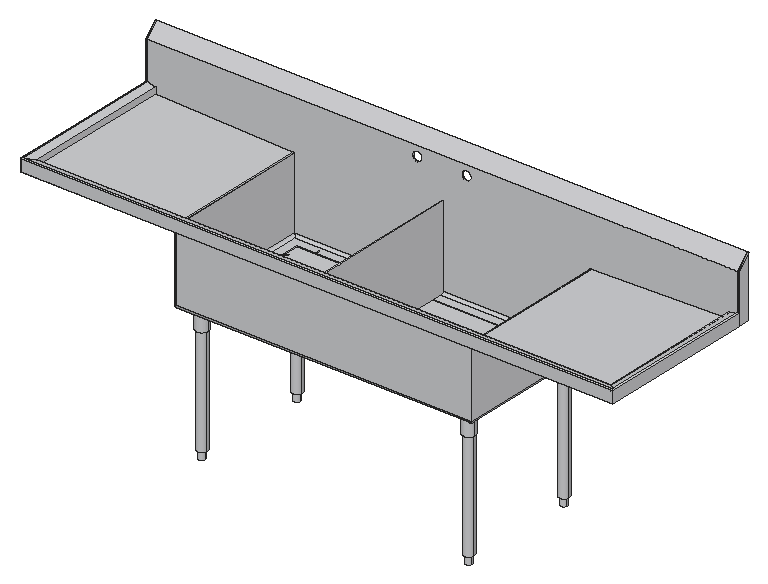
Revit family "Floor_Mount_Double_Compartment_Scullery_Sink-Elkay-WNSF8248LR2", category Plumbing Fixtures, Revit 2022
Family settings
  Round Connector Dimension = Use Diameter
  Part Type = Normal
  OmniClass Number = 23.45.05.14.14
  OmniClass Title = Sinks/Lavatories
  Work Plane-Based = No
  Always vertical = Yes
  Cut with Voids When Loaded = No
  Maintain Annotation Orientation = No
  Shared = No
  Room Calculation Point = No
Parameters (values of type "WNSF8248LR2 (Floor Mount Double Compartment Scullery Sink with Drainboards)")
  URL = "https://www.elkay.com/us/en.html"
  Sweep Profile Dist = Sink Length / 2  # 48.000"
  Sink Width = 27.500"
  Sink Length = 96.000"
  Sink Dimensions = "96 inch x 27 1/2 inch x 44 inch"
  Rim Width = Sink Width - 2.000"  # 25.500"
  Repair Parts URL = ""
  Product data URL = "https://www.bimobject.com/en-us/elkay/product/wnsf8248lr2"
  Product Weight (lbs) = 164
  Product Page URL = "https://www.elkay.com/products/details/wnsf8248lr2"
  Product Installation Sheet URL = ""
  Product Documentation Link = "https://www.elkayfiles.com/spec-sheets/wnsf8248lr2_spec.pdf"
  Outlet Connection Size (inch) = 1.500"
  No of Bowls = 2
  Modified Date = ""
  Model = "WNSF8248LR2"  # constant formula
  Manufacturer Brand = "Elkay (by Zurn Elkay Water Solutions)"  # constant formula
  Manufacturer = "Elkay Manufacturer Company"  # constant formula
  Main Material = Finish-Elkay-Stainless Steel
  Legs Dist. Y = Bowl Width - 4.750"  # 19.250"
  Legs Dist. X = Bowl Length - 4.750"  # 43.250"
  Installation Type = "Floor Mount"  # constant formula
  Drainboard width = 24.000"
  Drainboard ini = Bowl Length / 2  # 24.000"
  Drainboard fini = Drain Board Length - 1.425"  # 22.575"
  Drainboard Location = "Left and Right"
  Drainbd radius2 = 0.075"
  Drainbd radius1 = 0.150"
  Drain Size = 3.500"
  Drain Location = "Center"  # constant formula
  Drain Board Length = 24.000"
  Description = "Weldbilt® Stainless Steel 96 inch x 27 1/2 inch x 14 inch Floor Mount Double Compartment Scullery Sink with Drainboard"
  Default Elevation = 0.000"
  Date Created = "02-26-2025"  # constant formula
  Bowl Width = 24.000"
  Bowl Profile Dist = (Bowl Width / 2) - 0.250"  # 11.750"
  Bowl Length = 48.000"
  Bowl 2 Dimensions = "24 inch x 24 inch x 14 inch"
  Bowl 1 Dimensions = "24 inch x 24 inch x 14 inch"
  Bowl & Rim match DIM = (Bowl Width / 2) + 0.250"  # 12.250"
  Assembly Code = "D2010.60"
  Approx. Shipping Weight (lbs) = 224
Reference planes (in)
  plane 1 "Center (Front/Back)": y = 0
  plane 2: z = 0
  plane 3 "Center (Left/Right)": x = 0
  plane 4: x = -48
  plane 5: x = 48
  plane 6: y = 11.75
  plane 7: y = -13.75
  plane 8 "profile dist": x = -48
  plane 9: z = -2.125
  plane 10: z = -14
  plane 11: x = -24
  plane 12: x = 24
  plane 13: y = 11.75
  plane 14: y = -12.25
  plane 15: z = -2.145
  plane 16 "bowl profile dist": y = 11.75
  plane 17: x = -46.575
  plane 18: z = -1.29971
  plane 19: x = -24
  plane 20: z = -1.949
  plane 21: z = -2.145
  plane 22: y = 11.75
  plane 23: y = -12.25
  plane 24: x = 46.575
  plane 25: z = -1.3
  plane 26: z = -1.949
  plane 27: x = 24
  plane 28: z = -2.145
  plane 29: z = -1.95087
  plane 30: z = 8
  plane 31: y = 13.75
  plane 32: x = -48
  plane 33: x = 48
  plane 34: y = -13.75
  plane 35: x = 47.925
  plane 36: x = -47.925
  plane 37: x = -12
  plane 38 "Drain Plane CL": y = -0.25
  plane 39 "drain01": x = -12
  plane 40: x = -24
  plane 41: x = 24
  plane 42: x = 12
  plane 43: x = 12
  plane 44: z = -0.532
  plane 45: x = -0.075
  plane 46: x = 0.075
  plane 47: x = -21.625
  plane 48: x = 21.625
  plane 49: y = 9.375
  plane 50: y = -9.875
  plane 51: z = -14.075
  plane 52: z = -14.2
  plane 53: z = 4.5
  plane 54: x = -4
  plane 55: x = 4
  plane 56: z = -36
  plane 57: x = -48
  plane 58: x = 48
  plane 59: y = 11.75
  plane 60: y = -13.75
  plane 61: z = -2.125
  plane 62: x = -46.5
  plane 63: x = 46.5
  plane 64: x = -46.57507
  plane 65: x = 46.57507
  plane 66: x = -24.075
  plane 67: x = 24.075
Forms (in)
  Sweep 1, solid, material "Finish-Elkay-Stainless Steel", detail levels fine
    path origin (0, 0, 0) x (1, 0, 0) y (0, 1, 0)
      loop
        line (-48, 11.75) -> (-48, -13.75) -> (48, -13.75) -> (48, 11.75)
    profile origin (-48, -1, 0) x (1, 0, 0) y (0, 0, 1)
      loop
        line (0, -0.14597) -> (0, -2.00844) -> (0.43502, -2.125) -> (0.45443, -2.05256) -> (0.07493, -1.95087) -> (0.07493, -0.15366)
        arc (0.07493, -0.15366) -> (0.11762, -0.09191) -> (0.1911, -0.07651) r 0.10128
        line (0.1911, -0.07651) -> (1.42493, -0.40712) -> (1.42493, -1.29971) -> (1.5, -1.29971) -> (1.5, -0.34958) -> (0.20774, -0.00332)
        arc (0.20774, -0.00332) -> (0.07387, -0.03096) -> (0, -0.14597) r 0.17628
  Sweep 2, solid, material "Finish-Elkay-Stainless Steel"
    path origin (0, 0, 0) x (1, 0, 0) y (0, 1, 0)
      loop
        line (-24, 11.75) -> (-24, -12.25) -> (24, -12.25) -> (24, 11.75) -> (-24, 11.75)
    profile origin (0, 11.75, 0) x (0, 1, 0) y (0, 0, 1)
      loop
        line (0, -2.145) -> (0, -13.575)
        arc (0, -13.575) -> (-0.12448, -13.87552) -> (-0.425, -14) r 0.425
        line (-0.425, -14) -> (-2, -14) -> (-2, -14.075) -> (-0.425, -14.075)
        arc (-0.425, -14.075) -> (-0.07145, -13.92855) -> (0.075, -13.575) r 0.5
        line (0.075, -13.575) -> (0.075, -2.145) -> (0, -2.145)
  Extrusion 3, solid, material "Finish-Elkay-Stainless Steel"
    sketch origin (0, 0, 0) x (1, 0, 0) y (0, 0, 1)
      loop
        line (-24, -2.145) -> (-24, -2.09475)
        arc (-24, -2.09475) -> (-24.04242, -1.99022) -> (-24.14569, -1.94481) r 0.15
        line (-24.14569, -1.94481) -> (-46.575, -1.29971) -> (-46.575, -1.37474) -> (-24.14784, -2.01978)
        arc (-24.14784, -2.01978) -> (-24.09621, -2.04248) -> (-24.075, -2.09475) r 0.075
        line (-24.075, -2.09475) -> (-24.075, -2.145) -> (-24, -2.145)
    from -11.75 to 12.25
  Extrusion 4, solid, material "Finish-Elkay-Stainless Steel"
    sketch origin (0, 0, 0) x (1, 0, 0) y (0, 0, 1)
      loop
        line (24, -2.145) -> (24.075, -2.145) -> (24.075, -2.09475)
        arc (24.075, -2.09475) -> (24.09621, -2.04248) -> (24.14784, -2.01978) r 0.075
        line (24.14784, -2.01978) -> (46.575, -1.37474) -> (46.575, -1.29971) -> (24.14569, -1.94481)
        arc (24.14569, -1.94481) -> (24.04242, -1.99022) -> (24, -2.09475) r 0.15
        line (24, -2.09475) -> (24, -2.145)
    from -11.75 to 12.25
  Extrusion 5, solid, material "Finish-Elkay-Stainless Steel"
    sketch origin (0, 0, 0) x (0, 1, 0) y (0, 0, 1)
      loop
        line (11.75, 0) -> (11.825, 0) -> (11.825, 6.02197) -> (13.75, 7.94697) -> (13.69697, 8) -> (11.75, 6.05303) -> (11.75, 0)
    from -48 to 48
  Extrusion 6, solid, material "Finish-Elkay-Stainless Steel"
    sketch origin (48, -13.75213, 48) x (0, -1, 0) y (0, 0, 1)
      loop
        line (-25.50213, -41.94697) -> (-27.4491, -40) -> (-27.50213, -40.05303) -> (-27.50213, -49.95087) -> (-25.50213, -49.95087) -> (-25.50213, -41.94697)
    from 0 to 0.075
  Extrusion 7, solid, material "Finish-Elkay-Stainless Steel"
    sketch origin (-48, 11.75, 48) x (0, 1, 0) y (0, 0, 1)
      loop
        line (1.94697, -40) -> (0, -41.94697) -> (0, -49.95087) -> (2, -49.95087) -> (2, -40.05303) -> (1.94697, -40)
    from 0 to 0.075
  Extrusion 8, solid, material "Finish-Elkay-Stainless Steel"
    sketch origin (0, 0, 0) x (1, 0, 0) y (0, 0, 1)
      loop
        line (24.075, -2.145) -> (24.075, -2.09475)
        arc (24.075, -2.09475) -> (24.09621, -2.04248) -> (24.14784, -2.01978) r 0.075
        line (24.14784, -2.01978) -> (48, -1.33376) -> (48, 0) -> (-48, 0) -> (-48, -1.33376) -> (-24.14784, -2.01978)
        arc (-24.14784, -2.01978) -> (-24.09621, -2.04248) -> (-24.075, -2.09475) r 0.075
        line (-24.075, -2.09475) -> (-24.075, -2.145) -> (24.075, -2.145)
    from -11.75 to -11.825
  Extrusion 9, solid, material "Finish-Elkay-Stainless Steel"
    sketch origin (0, 0, 0) x (1, 0, 0) y (0, 1, 0)
      loop
        line (-22, 9.75) -> (-22, -10.25) -> (22, -10.25) -> (22, 9.75) -> (-22, 9.75)
    from -14.075 to -14
  Extrusion 10, solid, material "Finish-Elkay-Stainless Steel"
    sketch origin (-60, -12.25, 48) x (-1, 0, 0) y (0, 0, 1)
      loop
        line (-106.57507, -49.29971) -> (-106.57507, -49.37474) -> (-84.14784, -50.01978)
        arc (-84.14784, -50.01978) -> (-84.09621, -50.04248) -> (-84.075, -50.09475) r 0.075
        line (-84.075, -50.09475) -> (-84.075, -50.145) -> (-35.925, -50.145) -> (-35.925, -50.09475)
        arc (-35.925, -50.09475) -> (-35.90379, -50.04248) -> (-35.85216, -50.01978) r 0.075
        line (-35.85216, -50.01978) -> (-13.42493, -49.37474) -> (-13.42493, -49.29971) -> (-106.57507, -49.29971)
    from -0.07507 to 0
  Revolve 11, solid, material "Finish-Elkay-Stainless Steel"
    sketch origin (-117.96985, -0.25, 48.0022) x (-1, 0, 0) y (0, 0, 1)
      loop
        line (-104.41926, -62.18491) -> (-104.80696, -62.32689) -> (-104.87802, -62.32689) -> (-104.87802, -62.37689) -> (-104.79796, -62.37689) -> (-104.4005, -62.23134)
        arc (-104.4005, -62.23134) -> (-104.37362, -62.21568) -> (-104.35215, -62.19316) r 0.11072
        line (-104.35215, -62.19316) -> (-104.30117, -62.12722)
        arc (-104.30117, -62.12722) -> (-104.27004, -62.09235) -> (-104.22579, -62.07726) r 0.09207
        line (-104.22579, -62.07726) -> (-104.1555, -62.07726) -> (-104.1555, -62.02726) -> (-104.22485, -62.02726)
        arc (-104.22485, -62.02726) -> (-104.29138, -62.04695) -> (-104.34061, -62.09584) r 0.14181
        line (-104.34061, -62.09584) -> (-104.39422, -62.16519)
        arc (-104.39422, -62.16519) -> (-104.40542, -62.17673) -> (-104.41926, -62.18491) r 0.06054
      axis (-105.96985, -62.02726) -> (-105.96985, -62.37689)
    angle from 0 to 360
  Revolve 12, solid, material "Finish-Elkay-Stainless Steel"
    sketch origin (-53.72321, -0.25, 48.00244) x (-1, 0, 0) y (0, 0, 1)
      loop
        line (-64.17261, -62.18491) -> (-64.56031, -62.32689) -> (-64.63137, -62.32689) -> (-64.63137, -62.37689) -> (-64.55131, -62.37689) -> (-64.15385, -62.23134)
        arc (-64.15385, -62.23134) -> (-64.12697, -62.21568) -> (-64.10551, -62.19316) r 0.11072
        line (-64.10551, -62.19316) -> (-64.05452, -62.12722)
        arc (-64.05452, -62.12722) -> (-64.02339, -62.09235) -> (-63.97914, -62.07726) r 0.09207
        line (-63.97914, -62.07726) -> (-63.90885, -62.07726) -> (-63.90885, -62.02726) -> (-63.9782, -62.02726)
        arc (-63.9782, -62.02726) -> (-64.04473, -62.04695) -> (-64.09396, -62.09584) r 0.14181
        line (-64.09396, -62.09584) -> (-64.14758, -62.16519)
        arc (-64.14758, -62.16519) -> (-64.15877, -62.17673) -> (-64.17261, -62.18491) r 0.06054
      axis (-65.72321, -62.02726) -> (-65.72321, -62.37689)
    angle from 0 to 360
  Extrusion 13, solid, material "Finish-Elkay-Stainless Steel"
    sketch origin (0, 0, 0) x (0, 1, 0) y (0, 0, 1)
      loop
        arc (-12.25, -13.575) -> (-12.12552, -13.87552) -> (-11.825, -14) r 0.425
        line (-11.825, -14) -> (11.325, -14)
        arc (11.325, -14) -> (11.62552, -13.87552) -> (11.75, -13.575) r 0.425
        line (11.75, -13.575) -> (11.75, -0.532) -> (-12.25, -0.532) -> (-12.25, -13.575)
    from -0.075 to 0.075
  Extrusion 14, solid, material "Finish-Elkay-Stainless Steel" <- "Main Material"
    sketch origin (-27.96, -18.23504, 0) x (0, -1, 0) y (1, 0, 0)
      loop
        arc (-29.11004, 5.466) -> (-28.92523, 5.01982) -> (-28.47904, 4.835) r 0.631
        line (-28.47904, 4.835) -> (-25.60934, 4.835)
        arc (-25.60934, 4.835) -> (-25.0394, 5.1952) -> (-25.12014, 5.86456) r 0.631
        line (-25.12014, 5.86456) -> (-28.03286, 8.77727)
        arc (-28.03286, 8.77727) -> (-28.72052, 8.91406) -> (-29.11004, 8.33109) r 0.631
        line (-29.11004, 8.33109) -> (-29.11004, 5.466)
    from -14.2 to -14.075
  Extrusion 15, solid, material "Finish-Elkay-Stainless Steel" <- "Main Material"
    sketch origin (4.39029, -6.26504, 0) x (-1, 0, 0) y (0, -1, 0)
      loop
        arc (-18.73471, -16.50904) -> (-18.5499, -16.95523) -> (-18.10371, -17.14004) r 0.631
        line (-18.10371, -17.14004) -> (-15.23902, -17.14004)
        arc (-15.23902, -17.14004) -> (-14.65606, -16.75052) -> (-14.79284, -16.06286) r 0.631
        line (-14.79284, -16.06286) -> (-17.65753, -13.19817)
        arc (-17.65753, -13.19817) -> (-18.34519, -13.06139) -> (-18.73471, -13.64435) r 0.631
        line (-18.73471, -13.64435) -> (-18.73471, -16.50904)
    from -14.2 to -14.075
  Extrusion 16, solid, material "Finish-Elkay-Stainless Steel" <- "Main Material"
    sketch origin (-11.255, 0.07496, 0) x (1, 0, 0) y (0, 1, 0)
      loop
        arc (-11.87, -10.82189) -> (-11.68604, -11.266) -> (-11.24193, -11.44996) r 0.62807
        line (-11.24193, -11.44996) -> (-8.44922, -11.44996)
        arc (-8.44922, -11.44996) -> (-7.86895, -11.06224) -> (-8.0051, -10.37777) r 0.62807
        line (-8.0051, -10.37777) -> (-10.79782, -7.58506)
        arc (-10.79782, -7.58506) -> (-11.48228, -7.44891) -> (-11.87, -8.02917) r 0.62807
        line (-11.87, -8.02917) -> (-11.87, -10.82189)
    from -14.2 to -14.075
  Extrusion 17, solid, material "Finish-Elkay-Stainless Steel" <- "Main Material"
    sketch origin (11.755, -0.17504, 0) x (0, 1, 0) y (-1, 0, 0)
      loop
        arc (-11.19996, -10.77874) -> (-10.9909, -11.19994) -> (-10.5525, -11.37) r 0.65013
        line (-10.5525, -11.37) -> (-7.75978, -11.37)
        arc (-7.75978, -11.37) -> (-7.19832, -10.99484) -> (-7.33006, -10.33256) r 0.60772
        line (-7.33006, -10.33256) -> (-10.12277, -7.53984)
        arc (-10.12277, -7.53984) -> (-10.81043, -7.40306) -> (-11.19996, -7.98603) r 0.631
        line (-11.19996, -7.98603) -> (-11.19996, -10.77874)
    from -14.2 to -14.075
  Revolve 18, solid, material "Finish-Elkay-Stainless Steel" <- "Main Material", detail levels fine
    sketch origin (-28.9977, 9.375, 49.39527) x (-1, 0, 0) y (0, 0, 1)
      loop
        line (-8.3727, -63.59527) -> (-8.3727, -66.59527) -> (-8.19817, -66.59527) -> (-8.19817, -84.09527) -> (-7.89817, -84.09527) -> (-7.89817, -85.39527) -> (-7.3727, -85.39527) -> (-7.3727, -63.59527) -> (-8.3727, -63.59527)
      axis (-7.3727, -63.59527) -> (-7.3727, -85.39527)
    angle from 0 to 360
  Revolve 19, solid, material "Finish-Elkay-Stainless Steel" <- "Main Material", detail levels fine
    sketch origin (-33.23942, 9.375, 46.43499) x (-1, 0, 0) y (0, 0, 1)
      loop
        line (-55.86442, -60.63499) -> (-55.86442, -63.63499) -> (-55.68989, -63.63499) -> (-55.68989, -81.13499) -> (-55.38989, -81.13499) -> (-55.38989, -82.43499) -> (-54.86442, -82.43499) -> (-54.86442, -60.63499) -> (-55.86442, -60.63499)
      axis (-54.86442, -60.63499) -> (-54.86442, -82.43499)
    angle from 0 to 360
  Revolve 20, solid, material "Finish-Elkay-Stainless Steel" <- "Main Material", detail levels fine
    sketch origin (-50.99558, -9.875, 43.75) x (-1, 0, 0) y (0, 0, 1)
      loop
        line (-30.37058, -57.95) -> (-30.37058, -60.95) -> (-30.19606, -60.95) -> (-30.19606, -78.45) -> (-29.89606, -78.45) -> (-29.89606, -79.75) -> (-29.37058, -79.75) -> (-29.37058, -57.95) -> (-30.37058, -57.95)
      axis (-29.37058, -57.95) -> (-29.37058, -79.75)
    angle from 0 to 360
  Revolve 21, solid, material "Finish-Elkay-Stainless Steel" <- "Main Material", detail levels fine
    sketch origin (-50.99558, -9.875, 39) x (-1, 0, 0) y (0, 0, 1)
      loop
        line (-73.62058, -53.2) -> (-73.62058, -56.2) -> (-73.44606, -56.2) -> (-73.44606, -73.7) -> (-73.14606, -73.7) -> (-73.14606, -75) -> (-72.62058, -75) -> (-72.62058, -53.2) -> (-73.62058, -53.2)
      axis (-72.62058, -53.2) -> (-72.62058, -75)
    angle from 0 to 360
  Extrusion 22, void
    sketch origin (0, 0, 0) x (1, 0, 0) y (0, 1, 0)
      loop
        circle (-12, -0.25) r 1.629
      loop
        circle (12, -0.25) r 1.629
    from -14.075 to -14
  Extrusion 23, void
    sketch origin (-60, -12.25, 48) x (1, 0, 0) y (0, 0, 1)
      loop
        circle (56, -43.5) r 0.75
      loop
        circle (64, -43.5) r 0.75
    from -26 to -24
  Extrusion 24, solid, material "Finish-Elkay-Stainless Steel", detail levels coarse+medium
    sketch origin (-59.85243, -180, -14.2) x (-1, 0, 0) y (0, -1, 0)
      loop
        circle (-38.22743, -189.375) r 1
      loop
        circle (-81.47743, -189.375) r 1
      loop
        circle (-81.47743, -170.125) r 1
      loop
        circle (-38.22743, -170.125) r 1
    from 0 to -21.8
  Sweep 25, solid, material "Finish-Elkay-Stainless Steel", detail levels coarse+medium
    path origin (-59.85243, -180, -14.2) x (-1, 0, 0) y (0, -1, 0)
      loop
        line (-107.85243, -191.75) -> (-107.85243, -166.25) -> (-11.85243, -166.25) -> (-11.85243, -191.75)
    profile origin (-48, -1, -14.2) x (-1, 0, 0) y (0, 0, 1)
      loop
        line (-1.5, 14.2) -> (-1.5, 12.075) -> (0, 12.075) -> (0, 14.2) -> (-1.5, 14.2)
Cuts and joins
  Extrusion 22 cuts Extrusion 9
  Extrusion 23 cuts Extrusion 5
  joined: Sweep 2, Extrusion 5, Extrusion 8
Lines and regions (in)
  Masking region 1
    outline origin (-59.85243, -180, -14.2) x (-1, 0, 0) y (0, -1, 0)
      loop
        line (-11.85243, -193.75) -> (-11.85243, -166.25) -> (-107.85243, -166.25) -> (-107.85243, -193.75) -> (-11.85243, -193.75)
  Masking region 2, detail levels fine
    outline origin (-59.85243, -180, -14.2) x (-1, 0, 0) y (0, -1, 0)
      loop
        line (-13.35243, -191.75) -> (-13.35243, -167.75) -> (-106.35243, -167.75) -> (-106.35243, -191.75) -> (-13.35243, -191.75)
  Masking region 3, detail levels fine
    outline origin (-59.85243, -180, -14.2) x (-1, 0, 0) y (0, -1, 0)
      loop
        circle (-47.85243, -179.75) r 1.74501
      loop
        circle (-71.85243, -179.75) r 1.74501
Dimensions and locks (in)
  equal spacing: plane 4, plane 3 "Center (Left/Right)", plane 5
  "Sink Length": plane 4 to plane 5
  "Sweep Profile Dist": plane 3 "Center (Left/Right)" to plane 8 "profile dist"
  level to plane 9 = 2.125"
  locked: Sweep 1 sketch curve to Sweep 1 sketch curve at 0.075
  locked: Sweep 1 sketch curve to plane 8 "profile dist" at 0.07493  (x2)
  locked: Sweep 1 sketch curve to plane 8 "profile dist" at 0.43502
  locked: Sweep 1 sketch curve to plane 8 "profile dist" at 0.20774
  locked: Sweep 1 sketch curve to plane 8 "profile dist" at 0.1911
  locked: Sweep 1 sketch curve to plane 8 "profile dist" at 1.5
  locked: Sweep 1 sketch curve to Sweep 1 sketch curve at 0.07507
  locked: level to Sweep 1 sketch curve at 1.29971
  locked: level to Sweep 1 sketch curve at 0.34958
  locked: level to Sweep 1 sketch curve at 0.40712
  locked: level to plane 10 at 14
  equal spacing: plane 11, plane 3 "Center (Left/Right)", plane 12
  "Bowl Length": plane 11 to plane 12
  locked: level to plane 15 at 2.145
  "Bowl Profile Dist": plane 1 "Center (Front/Back)" to plane 16 "bowl profile dist"
  locked: plane 16 "bowl profile dist" to Sweep 2 sketch curve at 0.075
  locked: Sweep 2 sketch curve to plane 16 "bowl profile dist" at 0.425  (x2)
  locked: Sweep 2 sketch curve to plane 16 "bowl profile dist" at 2
  "Bowl & Rim match DIM": plane 14 to plane 1 "Center (Front/Back)"
  "Bowl Width": plane 13 to plane 14
  locked: level to plane 18 at 1.29971
  "Drainboard ini": plane 3 "Center (Left/Right)" to plane 19
  locked: level to plane 20 at 1.949
  locked: level to plane 21 at 2.145
  locked: Extrusion 3 sketch curve to plane 19 at 0.075
  locked: Extrusion 3 sketch curve to plane 19 at 0.14569
  locked: level to Extrusion 3 sketch curve at 1.94481
  locked: Extrusion 3 sketch curve to plane 19 at 0.14784
  locked: level to Extrusion 3 sketch curve at 2.01978
  "Drainboard fini": plane 17 to plane 19
  locked: plane 23 to plane 1 "Center (Front/Back)" at 12.25
  locked: plane 7 to plane 1 "Center (Front/Back)" at 13.75
  "Rim Width": plane 6 to plane 7
  "Drainboard width": plane 22 to plane 23
  locked: level to plane 25 at 1.3
  locked: level to plane 26 at 1.949
  locked: level to plane 28 at 2.145
  locked: plane 27 to Extrusion 4 sketch curve at 0.075
  locked: plane 27 to Extrusion 4 sketch curve at 0.14569
  locked: level to Extrusion 4 sketch curve at 2.09475  (x2)
  locked: plane 27 to Extrusion 4 sketch curve at 0.14784
  "Drainboard ini": plane 27 to plane 3 "Center (Left/Right)"
  "Drainboard fini": plane 27 to plane 24
  locked: level to plane 29 at 1.95087
  locked: plane 30 to level at 8
  locked: plane 22 to plane 31 at 2
  locked: plane 22 to Extrusion 5 sketch curve at 1.94697
  locked: plane 22 to Extrusion 5 sketch curve at 0.075
  equal spacing: plane 32, plane 3 "Center (Left/Right)", plane 33
  "Sink Length": plane 32 to plane 33
  plane 34 to plane 23 = 1.500"
  "Sink Width": plane 31 to plane 34
  locked: plane 35 to plane 33 at 0.075
  locked: plane 36 to plane 32 at 0.075
  locked: Extrusion 7 sketch curve to plane 22 at 1.94697
  locked: plane 30 to Extrusion 7 sketch curve at 0.05303
  locked: Revolve 11 sketch curve to Revolve 11 sketch curve at 1.81435
  locked: Revolve 11 sketch curve to Revolve 11 sketch curve at 0.06935
  locked: Revolve 11 sketch curve to Revolve 11 sketch curve at 0.05  (x2)
  locked: Revolve 11 sketch curve to Revolve 11 sketch curve at 0.72252
  locked: Revolve 11 sketch curve to Revolve 11 sketch curve at 0.34963
  locked: Revolve 11 sketch curve to Revolve 11 sketch curve at 0.07029
  locked: Revolve 11 sketch curve to Revolve 11 sketch curve at 0.05004
  locked: plane 32 to plane 40 at 24
  locked: plane 40 to plane 39 "drain01" at 12
  locked: plane 41 to plane 33 at 24
  locked: plane 42 to plane 41 at 12
  locked: Revolve 12 sketch curve to Revolve 12 sketch curve at 1.81435
  locked: Revolve 12 sketch curve to Revolve 12 sketch curve at 0.06935
  locked: Revolve 12 sketch curve to Revolve 12 sketch curve at 0.05  (x2)
  locked: Revolve 12 sketch curve to Revolve 12 sketch curve at 0.72252
  locked: Revolve 12 sketch curve to Revolve 12 sketch curve at 0.34963
  locked: Revolve 12 sketch curve to Revolve 12 sketch curve at 0.07029
  locked: Revolve 12 sketch curve to Revolve 12 sketch curve at 0.05004
  locked: plane 44 to plane 10 at 13.468
  equal spacing: plane 45, plane 3 "Center (Left/Right)", plane 46
  plane 45 to plane 46 = 0.150"
  locked: Extrusion 14 sketch curve to Extrusion 14 sketch curve at 3.49609
  locked: Extrusion 14 sketch curve to Extrusion 14 sketch curve at 2.8697
  locked: Extrusion 14 sketch curve to Extrusion 14 sketch curve at 4.1192
  locked: Extrusion 14 sketch curve to Extrusion 14 sketch curve at 1.13987
  equal spacing: plane 47, plane 3 "Center (Left/Right)", plane 48
  "Legs Dist. X": plane 47 to plane 48
  locked: plane 10 to plane 51 at 0.075
  locked: plane 51 to plane 52 at 0.125
  locked: Extrusion 14 to plane 47 at 1.5
  locked: Extrusion 14 to plane 49 at 1.5
  locked: Extrusion 15 sketch curve to Extrusion 15 sketch curve at 3.49569
  locked: Extrusion 15 sketch curve to Extrusion 15 sketch curve at 2.86469
  Extrusion 15 sketch curve to Extrusion 15 sketch curve = 4.05128"
  locked: Extrusion 15 to plane 49 at 1.5
  locked: plane 48 to Extrusion 15 at 1.5
  locked: Extrusion 16 sketch curve to Extrusion 16 sketch curve at 3.94949
  locked: Extrusion 16 sketch curve to Extrusion 16 sketch curve at 2.79271  (x2)
  locked: Extrusion 16 sketch curve to Extrusion 16 sketch curve at 1.16052
  locked: plane 50 to Extrusion 16 at 1.5
  locked: Extrusion 16 to plane 47 at 1.5
  locked: Extrusion 17 sketch curve to Extrusion 17 sketch curve at 3.94949
  locked: Extrusion 17 sketch curve to Extrusion 17 sketch curve at 2.79271  (x2)
  locked: plane 48 to Extrusion 17 at 1.5
  locked: plane 50 to Extrusion 17 at 1.5
  locked: Revolve 18 sketch curve to Revolve 18 sketch curve at 3
  locked: Revolve 18 sketch curve to Revolve 18 sketch curve at 17.5
  locked: Revolve 18 sketch curve to Revolve 18 sketch curve at 21.8
  locked: Revolve 18 sketch curve to Revolve 18 sketch curve at 0.3
  locked: Revolve 18 sketch curve to Revolve 18 sketch curve at 0.52547
  locked: Revolve 18 sketch curve to Revolve 18 sketch curve at 1
  locked: Revolve 19 sketch curve to Revolve 19 sketch curve at 3
  locked: Revolve 19 sketch curve to Revolve 19 sketch curve at 17.5
  locked: Revolve 19 sketch curve to Revolve 19 sketch curve at 21.8
  locked: Revolve 19 sketch curve to Revolve 19 sketch curve at 0.3
  locked: Revolve 19 sketch curve to Revolve 19 sketch curve at 0.52547
  locked: Revolve 19 sketch curve to Revolve 19 sketch curve at 1
  locked: Revolve 20 sketch curve to Revolve 20 sketch curve at 3
  locked: Revolve 20 sketch curve to Revolve 20 sketch curve at 17.5
  locked: Revolve 20 sketch curve to Revolve 20 sketch curve at 21.8
  locked: Revolve 20 sketch curve to Revolve 20 sketch curve at 0.3
  locked: Revolve 20 sketch curve to Revolve 20 sketch curve at 0.52547
  locked: Revolve 20 sketch curve to Revolve 20 sketch curve at 1
  locked: Revolve 21 sketch curve to Revolve 21 sketch curve at 3
  locked: Revolve 21 sketch curve to Revolve 21 sketch curve at 17.5
  locked: Revolve 21 sketch curve to Revolve 21 sketch curve at 21.8
  locked: Revolve 21 sketch curve to Revolve 21 sketch curve at 0.3
  locked: Revolve 21 sketch curve to Revolve 21 sketch curve at 0.52547
  locked: Revolve 21 sketch curve to Revolve 21 sketch curve at 1
  locked: Revolve 11 to plane 52 at 0.17493
  locked: Revolve 12 to plane 52 at 0.17518
  locked: plane 30 to plane 53 at 3.5
  locked: Extrusion 23 sketch curve to plane 32 at 44
  locked: Extrusion 23 sketch curve to Extrusion 23 sketch curve at 8
  locked: plane 54 to plane 32 at 44
  locked: plane 55 to plane 54 at 8
  locked: level to plane 56 at 36
  locked: plane 60 to plane 1 "Center (Front/Back)" at 13.75
  "Rim Width": plane 59 to plane 60
  equal spacing: plane 57, plane 3 "Center (Left/Right)", plane 58
  "Sink Length": plane 57 to plane 58
  locked: Sweep 25 sketch curve to plane 32 at 1.5
  locked: Extrusion 8 sketch curve to plane 3 "Center (Left/Right)" at 24.075
  plane 30 to level = 8.000"
  locked: level to plane 61 at 2.125
  plane 10 to plane 56 = 22.000"
  plane 31 to plane 22 = 2.000"
  locked: plane 32 to plane 62 at 1.5
  locked: plane 63 to plane 33 at 1.5
  locked: plane 40 to plane 3 "Center (Left/Right)" at 24
  locked: plane 3 "Center (Left/Right)" to plane 41 at 24
  locked: plane 22 to plane 38 "Drain Plane CL" at 12
  equal spacing: plane 49, plane 38 "Drain Plane CL", plane 50
  "Legs Dist. Y": plane 49 to plane 50
  locked: plane 3 "Center (Left/Right)" to plane 64 at 46.57507
  locked: plane 65 to plane 3 "Center (Left/Right)" at 46.57507
  locked: plane 3 "Center (Left/Right)" to plane 66 at 24.075
  locked: Extrusion 10 sketch curve to Sweep 2 at 0.05025  (x2)
  locked: Extrusion 10 sketch curve to plane 66 at 0.07284
  locked: plane 67 to plane 3 "Center (Left/Right)" at 24.075
  "Drainbd radius1": radius of Extrusion 3 sketch curve
  "Drainbd radius2": radius of Extrusion 3 sketch curve
  "Drainbd radius1": radius of Extrusion 4 sketch curve
  "Drainbd radius2": radius of Extrusion 4 sketch curve
  locked: Sweep 1 sketch curve to Sweep 1 sketch curve (angle 105.00°)  (x2)
  locked: Sweep 1 sketch curve to Sweep 1 sketch curve (angle 75.00°)
  locked: Sweep 1 sketch curve to Sweep 1 sketch curve (angle 75.0004°)
  locked: Extrusion 3 sketch curve to level (angle 1.64746°)  (x2)
  locked: level to Extrusion 4 sketch curve (angle 1.64746°)  (x2)
  locked: Extrusion 5 sketch curve to plane 30 (angle 135.00°)  (x2)
  locked: Extrusion 5 sketch curve to Extrusion 5 sketch curve (angle 90.00°)
  locked: Revolve 11 sketch curve to Revolve 11 sketch curve (angle 159.887°)  (x2)
  locked: Revolve 11 sketch curve to Revolve 11 sketch curve (angle 147.822°)  (x2)
  locked: Revolve 12 sketch curve to Revolve 12 sketch curve (angle 159.887°)  (x2)
  locked: Revolve 12 sketch curve to Revolve 12 sketch curve (angle 147.822°)  (x2)
  locked: Extrusion 14 sketch curve to Extrusion 14 sketch curve (angle 45.00°)  (x2)
  locked: Extrusion 15 sketch curve to Extrusion 15 sketch curve (angle 45.00°)  (x2)
  locked: Extrusion 16 sketch curve to Extrusion 16 sketch curve (angle 45.00°)  (x2)
  locked: Extrusion 17 sketch curve to Extrusion 17 sketch curve (angle 45.00°)  (x2)
  locked: Extrusion 3 to Extrusion 10 sketch curve (angle 1.64746°)
  aligned and locked: plane 2 to level
  aligned and locked: plane 5 to Sweep 1 sketch curve
  aligned and locked: Sweep 1 sketch curve to plane 4
  aligned and locked: Sweep 1 sketch curve to plane 7
  aligned and locked: plane 6 to Sweep 1 sketch curve  (x2)
  aligned and locked: Sweep 1 sketch curve to plane 8 "profile dist"
  aligned and locked: plane 9 to Sweep 1 sketch curve
  aligned and locked: Sweep 2 sketch curve to plane 13
  aligned and locked: plane 11 to Sweep 2 sketch curve
  aligned and locked: plane 14 to Sweep 2 sketch curve
  aligned and locked: Sweep 2 sketch curve to plane 12
  aligned and locked: Sweep 2 sketch curve to plane 16 "bowl profile dist"
  aligned and locked: plane 10 to Sweep 2 sketch curve
  aligned and locked: plane 15 to Sweep 2 sketch curve
  aligned and locked: plane 21 to Extrusion 3 sketch curve
  aligned and locked: Extrusion 3 sketch curve to plane 19
  aligned and locked: plane 17 to Extrusion 3 sketch curve  (x2)
  aligned and locked: plane 22 to Extrusion 3
  aligned and locked: Extrusion 3 to plane 23
  aligned and locked: Extrusion 4 sketch curve to plane 27
  aligned and locked: plane 24 to Extrusion 4 sketch curve
  aligned and locked: Extrusion 4 sketch curve to plane 28
  aligned and locked: Extrusion 4 sketch curve to plane 24
  aligned and locked: plane 22 to Extrusion 4
  aligned and locked: Extrusion 4 to plane 23
  aligned and locked: plane 31 to Extrusion 5 sketch curve
  aligned and locked: plane 30 to Extrusion 5 sketch curve
  aligned and locked: plane 22 to Extrusion 5 sketch curve
  aligned and locked: Extrusion 5 to plane 32
  aligned and locked: Extrusion 5 to plane 33
  aligned and locked: Extrusion 5 sketch curve to level
  aligned and locked: Extrusion 6 sketch curve to plane 31
  aligned and locked: Extrusion 6 to plane 33
  aligned and locked: Extrusion 6 to plane 35
  aligned and locked: Extrusion 6 sketch curve to plane 29
  aligned and locked: plane 29 to Extrusion 7 sketch curve
  aligned and locked: Extrusion 7 to plane 32
  aligned and locked: plane 36 to Extrusion 7
  aligned and locked: Extrusion 8 sketch curve to Sweep 2
  aligned and locked: Extrusion 8 sketch curve to Extrusion 4
  aligned and locked: Extrusion 8 sketch curve to Extrusion 3
  aligned and locked: Extrusion 8 sketch curve to Sweep 1
  aligned and locked: Sweep 1 to Extrusion 8 sketch curve
  aligned and locked: Extrusion 8 to plane 22
  aligned and locked: Extrusion 8 to Sweep 2
  aligned and locked: Extrusion 9 sketch curve to Sweep 2  (x4)
  aligned and locked: Sweep 2 to Extrusion 9
  aligned and locked: plane 10 to Extrusion 9
  aligned and locked: Extrusion 10 sketch curve to Sweep 1
  aligned and locked: Sweep 2 to Extrusion 10 sketch curve
  aligned and locked: Extrusion 10 sketch curve to Extrusion 4
  aligned and locked: plane 23 to Extrusion 10
  aligned and locked: Extrusion 10 to Sweep 1
  aligned and locked: plane 37 to plane 39 "drain01"
  aligned and locked: plane 43 to plane 42
  aligned and locked: Extrusion 13 sketch curve to Sweep 2  (x3)
  aligned and locked: Extrusion 13 sketch curve to plane 44
  aligned and locked: Extrusion 13 to plane 45
  aligned and locked: plane 46 to Extrusion 13
  aligned and locked: Extrusion 14 to plane 51
  aligned and locked: Extrusion 14 to plane 52
  aligned and locked: Extrusion 15 to plane 51
  aligned and locked: Extrusion 15 to plane 52
  aligned and locked: Extrusion 16 to plane 51
  aligned and locked: Extrusion 16 to plane 52
  aligned and locked: Extrusion 17 to plane 51
  aligned and locked: Extrusion 17 to plane 52
  aligned and locked: Revolve 18 sketch curve to Revolve 18 sketch curve  (x3)
  aligned and locked: Revolve 18 sketch curve to plane 47
  aligned and locked: Revolve 18 to plane 52
  aligned and locked: Revolve 19 sketch curve to Revolve 19 sketch curve  (x3)
  aligned and locked: Revolve 19 sketch curve to plane 48
  aligned and locked: Revolve 19 to plane 52
  aligned and locked: Revolve 20 sketch curve to Revolve 20 sketch curve  (x3)
  aligned and locked: Revolve 20 sketch curve to plane 47
  aligned and locked: Revolve 21 sketch curve to Revolve 21 sketch curve  (x3)
  aligned and locked: Revolve 21 sketch curve to plane 48
  aligned and locked: Revolve 21 to plane 52
  aligned and locked: plane 39 "drain01" to Extrusion 22 sketch curve
  aligned and locked: plane 38 "Drain Plane CL" to Extrusion 22 sketch curve  (x2)
  aligned and locked: plane 42 to Extrusion 22 sketch curve
  aligned and locked: plane 51 to Extrusion 22
  aligned and locked: plane 10 to Extrusion 22
  aligned and locked: plane 53 to Extrusion 23 sketch curve  (x2)
  aligned and locked: Extrusion 23 to plane 22
  aligned and locked: plane 31 to Extrusion 23
  aligned and locked: plane 47 to Extrusion 24 sketch curve  (x2)
  aligned and locked: plane 49 to Extrusion 24 sketch curve  (x2)
  aligned and locked: plane 48 to Extrusion 24 sketch curve  (x2)
  aligned and locked: plane 50 to Extrusion 24 sketch curve  (x2)
  aligned and locked: plane 52 to Extrusion 24
  aligned and locked: plane 56 to Extrusion 24
  aligned and locked: plane 57 to Sweep 25 sketch curve
  aligned and locked: Sweep 25 sketch curve to plane 58
  aligned and locked: plane 60 to Sweep 25 sketch curve
  aligned and locked: plane 59 to Sweep 25 sketch curve  (x2)
  aligned and locked: plane 32 to Sweep 25 sketch curve
  aligned and locked: Sweep 25 sketch curve to level
  aligned and locked: Sweep 1 to Sweep 25 sketch curve
  aligned and locked: Masking region 1 sketch curve to plane 31
  aligned and locked: plane 32 to Masking region 1 sketch curve
  aligned and locked: plane 33 to Masking region 1 sketch curve
  aligned and locked: Masking region 1 sketch curve to plane 34
  aligned and locked: plane 22 to Extrusion 6 sketch curve
  aligned and locked: plane 22 to Extrusion 7 sketch curve
  aligned and locked: Extrusion 8 sketch curve to Sweep 25
  aligned and locked: Revolve 20 to plane 52
  aligned and locked: Extrusion 6 to cut or joined group of Sweep 2, Extrusion 5, Extrusion 8, Extrusion 23  (x2)
  aligned and locked: plane 65 to Extrusion 10 sketch curve
  aligned and locked: Extrusion 10 sketch curve to plane 64
  aligned and locked: Extrusion 10 sketch curve to plane 66
  aligned and locked: cut or joined group of Sweep 2, Extrusion 5, Extrusion 8, Extrusion 23 to Masking region 2 sketch curve
  aligned and locked: Masking region 2 sketch curve to Sweep 25  (x3)
  aligned and locked: Masking region 3 sketch curve to Revolve 11
  aligned and locked: Masking region 3 sketch curve to Revolve 12
Automatic sketch dimensions
  Sweep 1 sketch curve to Sweep 1 sketch curve = 0.000"  (x2)
  Sweep 1 sketch curve to Sweep 1 sketch curve = 0.01744"
  Sweep 1 sketch curve to Sweep 1 sketch curve = 0.09977"
  Sweep 2 sketch curve to Sweep 2 sketch curve = 0.000"
  Extrusion 7 sketch curve to plane 31 = 0.000"
  Extrusion 7 sketch curve to plane 30 = 0.000"
  Extrusion 8 sketch curve to level = 2.01978"  (x2)
  Extrusion 10 sketch curve to Extrusion 10 sketch curve = 0.00216"
  Revolve 11 sketch curve to plane 37 = 0.000"
  Revolve 11 sketch curve to plane 52 = 0.12469"
  Revolve 11 sketch curve to Revolve 11 sketch curve = 0.07106"
  plane 51 to Revolve 11 sketch curve = 0.05197"
  Revolve 11 sketch curve to Revolve 11 sketch curve = 0.21709"
  Revolve 11 sketch curve to Revolve 11 sketch curve = 0.00065"
  plane 52 to Revolve 11 sketch curve = 0.01728"
  Revolve 11 sketch curve to plane 52 = 0.02914"
  plane 52 to Revolve 11 sketch curve = 0.037"
  plane 52 to Revolve 11 sketch curve = 0.00904"
  Revolve 11 sketch curve to Revolve 11 sketch curve = 0.04207"
  plane 51 to Revolve 11 sketch curve = 0.01865"
  plane 51 to Revolve 11 sketch curve = 0.05002"
  plane 52 to Revolve 11 sketch curve = 0.0331"
  Revolve 11 sketch curve to Revolve 11 sketch curve = 0.00008"
  Revolve 11 sketch curve to Revolve 11 sketch curve = 6.70037"
  Revolve 11 sketch curve to plane 29 = 2.8742"
  Revolve 12 sketch curve to plane 42 = 0.000"
  Revolve 12 sketch curve to plane 52 = 0.12445"
  Revolve 12 sketch curve to Revolve 12 sketch curve = 0.07106"
  plane 51 to Revolve 12 sketch curve = 0.05173"
  Revolve 12 sketch curve to Revolve 12 sketch curve = 0.21709"
  Revolve 12 sketch curve to Revolve 12 sketch curve = 0.00065"
  plane 52 to Revolve 12 sketch curve = 0.01753"
  Revolve 12 sketch curve to plane 52 = 0.0289"
  plane 52 to Revolve 12 sketch curve = 0.03725"
  plane 52 to Revolve 12 sketch curve = 0.00928"
  Revolve 12 sketch curve to Revolve 12 sketch curve = 0.04207"
  plane 51 to Revolve 12 sketch curve = 0.0184"
  plane 51 to Revolve 12 sketch curve = 0.04978"
  plane 52 to Revolve 12 sketch curve = 0.03335"
  Revolve 12 sketch curve to Revolve 12 sketch curve = 0.00008"
  Revolve 12 sketch curve to Revolve 12 sketch curve = 6.70037"
  Revolve 12 sketch curve to plane 29 = 2.87395"
  Extrusion 14 sketch curve to plane 22 = 0.875"
  Extrusion 14 sketch curve to Extrusion 14 sketch curve = 0.631"
  Extrusion 14 sketch curve to plane 40 = 0.875"
  plane 41 to Extrusion 15 sketch curve = 0.875"
  plane 48 to Extrusion 15 sketch curve = 0.869"
  Extrusion 15 sketch curve to plane 22 = 0.875"
  Extrusion 16 sketch curve to plane 40 = 0.875"
  plane 23 to Extrusion 16 sketch curve = 0.875"
  plane 23 to Extrusion 17 sketch curve = 0.875"
  Extrusion 17 sketch curve to Extrusion 17 sketch curve = 0.631"
  Extrusion 17 sketch curve to plane 50 = 0.85254"
  plane 41 to Extrusion 17 sketch curve = 0.875"
  plane 52 to Revolve 18 sketch curve = 0.000"
  Revolve 18 sketch curve to Revolve 18 sketch curve = 21.5556"
  Revolve 18 sketch curve to plane 29 = 2.74406"
  plane 52 to Revolve 19 sketch curve = 0.000"
  Revolve 19 sketch curve to Revolve 19 sketch curve = 23.3056"
  Revolve 19 sketch curve to plane 29 = 5.70434"
  Revolve 20 sketch curve to plane 52 = 0.000"
  Revolve 20 sketch curve to Revolve 20 sketch curve = 25.8056"
  Revolve 20 sketch curve to plane 29 = 8.38933"
  Revolve 21 sketch curve to plane 52 = 0.000"
  Revolve 21 sketch curve to Revolve 21 sketch curve = 32.3056"
  Revolve 21 sketch curve to plane 29 = 14.88933"
  plane 30 to Extrusion 6 sketch curve = 0.000"
  Extrusion 6 sketch curve to plane 31 = 0.05303"
  plane 53 to Extrusion 6 sketch curve = 1.55303"
  Extrusion 10 sketch curve to level = 2.01978"
  radius of Extrusion 22 sketch curve = 1.629"  (x2)
  radius of Extrusion 23 sketch curve = 0.750"  (x2)
  radius of Extrusion 24 sketch curve = 1.000"  (x4)
Connectors (in)
  piping at (-12, -0.25, -14.37469), diameter 1.5, driven by "Outlet Connection Size (inch)"
    settings: on Revolve 11, index 1, connector inside diameter 24", connector length 0.000", flow factor 0, pipe flow 0 GPM, pressure drop 0.00 psi, fitting loss kfactor 0, connector angle 0.00°, fixture units 0, engagement length 0.000", angle of deflection 0.00°, flow configuration 0, flow direction 2, fitting loss method 0, system type 16, joint type 0, gender type 0, connector reference index -1, connector utility 0, adjustable connector no, is connector primary yes, connector description "Sanitary Outlet"
  piping at (12, -0.25, -14.37445), diameter 1.5, driven by "Outlet Connection Size (inch)"
    settings: on Revolve 12, index 2, connector inside diameter 24", connector length 0.000", flow factor 0, pipe flow 0 GPM, pressure drop 0.00 psi, fitting loss kfactor 0, connector angle 0.00°, fixture units 0, engagement length 0.000", angle of deflection 0.00°, flow configuration 0, flow direction 2, fitting loss method 0, system type 16, joint type 0, gender type 0, connector reference index -1, connector utility 0, adjustable connector no, is connector primary no, connector description "Sanitary Outlet"
